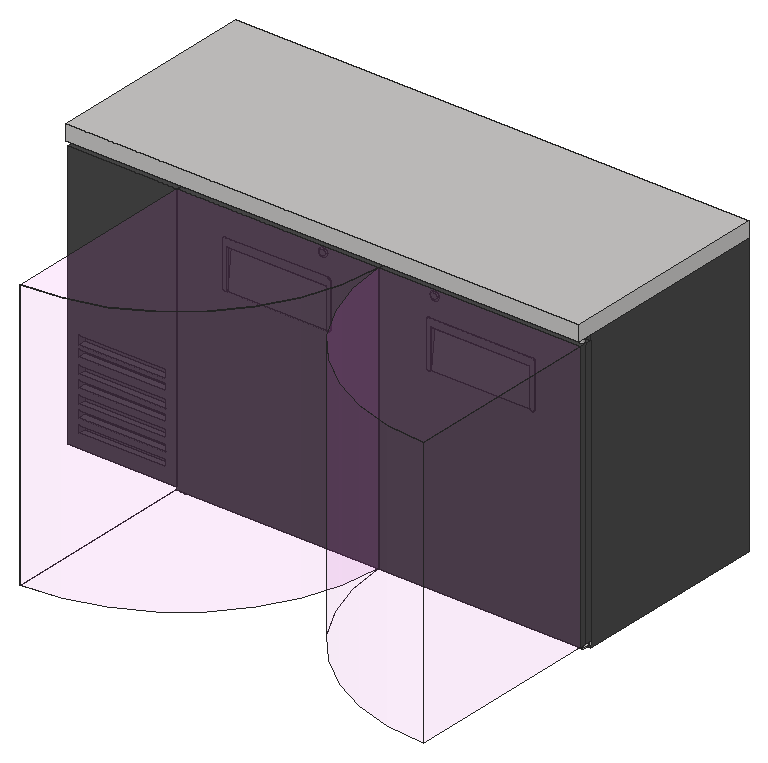
Revit family "QF_True_TBB24-60-2S-Z1-SFT-B-1_Solid_Swing_Door_Back_Bar", category Specialty Equipment, Revit 2021
Family settings
  Round Connector Dimension = Use Diameter
  Part Type = Normal
  Work Plane-Based = No
  Always vertical = Yes
  Cut with Voids When Loaded = No
  Shared = No
  Room Calculation Point = No
Parameters
  Weight in Pounds = 345
  Watts = Volts * FL Amps  # 368 W
  Volts = 115 V
  URL Cutsheet = ""
  Specification by User = ""
  Specification by Manufacturer = ""
  Show Seismic Flanged [instance] = yes
  Show Door Clearance [instance] = yes
  Show Default [instance] = if(or([Show 2" Casters], [Show 3" Casters]), or(or([Show 4" Casters], [Show 5" Casters], [Show 6" Legs]), and([Show 2" Casters], [Show 3" Casters]), and([Show 3" Casters], Show Seismic Flanged)), if(or([Show 4" Casters], [Show 5" Casters]), or(or([Show 6" Legs], Show Seismic Flanged), and([Show 4" Casters], [Show 5" Casters])), if([Show 6" Legs], Show Seismic Flanged, not(Show Seismic Flanged))))  # yes
  Show 6" Legs [instance] = yes
  Show 5" Casters [instance] = yes
  Show 4" Casters [instance] = yes
  Show 3" Casters [instance] = yes
  Show 2" Casters [instance] = yes
  Serial Number = ""
  Seismic Rating = ""
  SMACNA No = ""
  Revision Code = ""
  Phase = 1
  Number of Poles = 1
  NAFEM Spec ID Number = ""
  Model = "TBB24-60-2S-Z1-SFT-B-1"
  Min Ckt Ampacity = 0 A
  Max Overcurrent Protection = 0 A
  Masterspec = ""
  Manufacturer = "True"
  Length = 60 1/32"
  Item Number = ""
  Installed By = ""
  Identify Quantity as Lot = yes
  Height [instance] = Base Height + Body Height  # 34 23/32"
  HP = "1/4"
  Furnished By = ""
  Foodservice Equipment Identifier = yes
  FL Amps = 3.2 A
  Electrical Remarks = ""
  Electric Connection Type = ""
  Elec Conn RI Height = 0"
  Elec Conn Connection Height = 0"
  Door Finish [instance] = QF_Plastic - Black - Matte
  Description = "Solid Swing Door Back Bar 24\" Depth Single Zone Cooler with Stainless Finished Top and Black Exterior"
  Depth = 24 7/8"
  Default Elevation = 0"
  Cycle = 60 Hz
  Counter Top Finish [instance] = QF_Metal_Stainless_Polished
  Conn Plug = "NEMA 5-15P"
  Conn Conduit = yes
  CSI MasterFormat = ""
  Body Height [instance] = 34 23/32"
  Body Finish [instance] = QF_Plastic - Black - Matte
  Base Height [instance] = if(Show Default, 0", if([Show 2" Casters], 2", if([Show 3" Casters], 3", if([Show 4" Casters], 4", if([Show 5" Casters], 5", if([Show 6" Legs], 6", if(Show Seismic Flanged, 6", 0")))))))  # 0"
  Apparent Power = 0 VA
Reference planes (in)
  plane 1 "BACK": y = 0
  plane 2: z = 0
  plane 3 "LEFT": x = 0
  plane 4 "RIGHT": x = 60.03125
  plane 5 "FRONT": y = -24.875
  plane 6 "TOP": z = 34.71875
  plane 7 "Center Y": x = 30.01563
  plane 8 "Center X": y = -12.4375
  plane 9: z = 0
Dimensions and locks (in)
  equal spacing: plane 3 "LEFT", plane 7 "Center Y", plane 4 "RIGHT"
  "Length": plane 3 "LEFT" to plane 4 "RIGHT"
  equal spacing: plane 5 "FRONT", plane 8 "Center X", plane 1 "BACK"
  "Depth": plane 5 "FRONT" to plane 1 "BACK"
  plane 6 "TOP" to level = 34 23/32"
  "Base Height": plane 9 to level
  "Body Height": plane 6 "TOP" to plane 9
  aligned and locked: level to plane 2
  aligned and locked: nested 1 to plane 9
Nested families (in)
  nested 1: "TBB24-60-2S-Z1-BST-B-1" at (0, 0, 0), Body Finish <- "Body Finish", Counter Top Finishes <- "Counter Top Finish", Door Finish <- "Door Finish", Show Door Clearance <- "Show Door Clearance", type "TBB24-60-2S-Z1-BST-B-1"
    with Show Door Clearance yes, Door Finish QF_Plastic - Black - Matte, Counter Top Finishes QF_Metal_Stainless_Polished, Body Finish QF_Plastic - Black - Matte
  nested 2: "Family3" at (2.5, -20.91792, 0), Show 2" Casters <- "Show 2" Casters", Show 3" Casters <- "Show 3" Casters", Show 4" Casters <- "Show 4" Casters", Show 5" Casters <- "Show 5" Casters", Show 6" Legs <- "Show 6" Legs", Show Seismic Flanged <- "Show Seismic Flanged", type "Family3"
    with Show Seismic Flanged yes, Show 6" Legs yes, Show 5" Casters yes, Show 4" Casters yes, Show 3" Casters yes, Show 2" Casters yes
  nested 3: "Family3" at (57.53125, -20.91792, 0), Show 2" Casters <- "Show 2" Casters", Show 3" Casters <- "Show 3" Casters", Show 4" Casters <- "Show 4" Casters", Show 5" Casters <- "Show 5" Casters", Show 6" Legs <- "Show 6" Legs", Show Seismic Flanged <- "Show Seismic Flanged", type "Family3"
    with Show Seismic Flanged yes, Show 6" Legs yes, Show 5" Casters yes, Show 4" Casters yes, Show 3" Casters yes, Show 2" Casters yes
  nested 4: "Family3" at (2.5, -2.91792, 0), Show 2" Casters <- "Show 2" Casters", Show 3" Casters <- "Show 3" Casters", Show 4" Casters <- "Show 4" Casters", Show 5" Casters <- "Show 5" Casters", Show 6" Legs <- "Show 6" Legs", Show Seismic Flanged <- "Show Seismic Flanged", type "Family3"
    with Show Seismic Flanged yes, Show 6" Legs yes, Show 5" Casters yes, Show 4" Casters yes, Show 3" Casters yes, Show 2" Casters yes
  nested 5: "Family3" at (57.53125, -2.91792, 0), Show 2" Casters <- "Show 2" Casters", Show 3" Casters <- "Show 3" Casters", Show 4" Casters <- "Show 4" Casters", Show 5" Casters <- "Show 5" Casters", Show 6" Legs <- "Show 6" Legs", Show Seismic Flanged <- "Show Seismic Flanged", type "Family3"
    with Show Seismic Flanged yes, Show 6" Legs yes, Show 5" Casters yes, Show 4" Casters yes, Show 3" Casters yes, Show 2" Casters yes
Connectors (in)
  electrical at (5.92159, 0.23047, 18.36709), driven by "Volts", driven by "Watts"
    settings: on nested 1, index 1, voltage 115 V, apparent load 368 VA, apparent load phase1 0 VA, apparent load phase2 0 VA, apparent load phase3 0 VA, power factor 1, load classification "Other", number of poles 1, system type 30, power factor state 1, is connector primary yes, connector utility no, sub classification motor no, connector description "ELECTRICAL CONNECTION"
Definition of nested family "TBB24-60-2S-Z1-BST-B-1"
  Parameters (values of type "TBB24-60-2S-Z1-BST-B-1")
    Weight in Pounds = 0
    URL Cutsheet = ""
    Specification by User = ""
    Specification by Manufacturer = ""
    Show Door Clearance [instance] = yes
    Serial Number = ""
    Seismic Rating = ""
    SMACNA No = ""
    Revision Code = ""
    NAFEM Spec ID Number = ""
    Masterspec = ""
    Length = 60 1/32"
    Item Number = ""
    Installed By = ""
    Identify Quantity as Lot = yes
    Height = 34 23/32"
    Furnished By = ""
    Foodservice Equipment Identifier = yes
    Door Finish [instance] = none
    Depth = 24 7/8"
    Default Elevation = 0"
    Counter Top Finishes [instance] = none
    CSI MasterFormat = ""
    Body Finish [instance] = none
  Reference planes (in)
    plane 1 "BACK": y = 0
    plane 2: z = 0
    plane 3 "LEFT": x = 0
    plane 4 "RIGHT": x = 60.03125
    plane 5 "FRONT": y = -24.875
    plane 6 "TOP": z = 34.71875
    plane 7 "Center Y": x = 30.01563
    plane 8 "Center X": y = -12.4375
    plane 9: y = -47.59375
    plane 10: z = 0.6875
    plane 11: z = 32.9375
    plane 12: z = 2.0625
    plane 13: y = -21.41792
    plane 14: z = 0.33506
    plane 15: z = 23.55589
    plane 16: x = 36.40899
    plane 17: x = 12.78399
  Forms (in)
    Extrusion 1, solid, material <- "Counter Top Finishes"
      sketch origin (0, 0, 0) x (1, 0, 0) y (0, 0, 1)
        loop
          line (0, 34.71875) -> (0, 32.9375) -> (60.03125, 32.9375) -> (60.03125, 34.71875) -> (0, 34.71875)
      from 0 to 24.875
    Extrusion 2, solid, material <- "Body Finish"
      sketch origin (0, 0, 0) x (0, 1, 0) y (0, 0, 1)
        loop
          line (0, 32.9375) -> (-23.09422, 32.9375) -> (-23.09422, 0) -> (0, 0) -> (0, 32.9375)
      from 0 to 60.03125
    Extrusion 3, solid, material <- "Door Finish"
      sketch origin (0, -23.09422, 35.99786) x (0, 0, 1) y (1, 0, 0)
        loop
          line (-3.72284, 18.35291) -> (-3.72284, 35.99891) -> (-35.31036, 35.99891) -> (-35.31036, 18.35291) -> (-3.72284, 18.35291)
        loop
          line (-4.22284, 19.79188) -> (-4.22284, 35.35291) -> (-33.93536, 35.35291) -> (-33.93536, 19.79188) -> (-4.22284, 19.79188)
      from 0 to -0.66955
    Extrusion 4, solid, material <- "Body Finish"
      sketch origin (0, -23.09422, 32.9375) x (0, 0, -1) y (1, 0, 0)
        loop
          line (0.66249, 0) -> (31.95758, 0) -> (31.95758, 12.78399) -> (0.66249, 12.78399) -> (0.66249, 0)
      from 0 to 1.50548
    Extrusion 5, void
      sketch origin (0, -24.5997, 32.9375) x (0, 0, 1) y (1, 0, 0)
        loop
          line (-20.06297, 1.27626) -> (-20.06297, 11.45734) -> (-21.06297, 11.45734) -> (-21.06297, 1.27626) -> (-20.06297, 1.27626)
        loop
          line (-21.51705, 1.27626) -> (-21.51705, 11.45734) -> (-22.34419, 11.45734) -> (-22.34419, 1.27626) -> (-21.51705, 1.27626)
        loop
          line (-23.18797, 1.27626) -> (-23.18797, 11.45734) -> (-24.18797, 11.45734) -> (-24.18797, 1.27626) -> (-23.18797, 1.27626)
        loop
          line (-24.76705, 1.27626) -> (-24.76705, 11.45734) -> (-25.59419, 11.45734) -> (-25.59419, 1.27626) -> (-24.76705, 1.27626)
        loop
          line (-26.31297, 1.27626) -> (-26.31297, 11.45734) -> (-27.31297, 11.45734) -> (-27.31297, 1.27626) -> (-26.31297, 1.27626)
        loop
          line (-27.89205, 1.27626) -> (-27.89205, 11.45734) -> (-28.71919, 11.45734) -> (-28.71919, 1.27626) -> (-27.89205, 1.27626)
        loop
          line (-29.51705, 1.27626) -> (-29.51705, 11.45734) -> (-30.34419, 11.45734) -> (-30.34419, 1.27626) -> (-29.51705, 1.27626)
      from 0 to 0.83594
    Extrusion 6, solid
      sketch origin (0, 0, 32.6875) x (0, 0, 1) y (1, 0, 0)
        loop
          arc (-12.59037, 11.27264) -> (-12.81004, 11.80298) -> (-13.34037, 12.02264) r 0.75
          line (-13.34037, 12.02264) -> (-31.375, 12.02264)
          arc (-31.375, 12.02264) -> (-31.90533, 11.80298) -> (-32.125, 11.27264) r 0.75
          line (-32.125, 11.27264) -> (-32.125, 0.75)
          arc (-32.125, 0.75) -> (-31.90533, 0.21967) -> (-31.375, 0) r 0.75
          line (-31.375, 0) -> (-13.34037, 0)
          arc (-13.34037, 0) -> (-12.81004, 0.21967) -> (-12.59037, 0.75) r 0.75
          line (-12.59037, 0.75) -> (-12.59037, 5.19897) -> (-12.14941, 5.19897)
          arc (-12.14941, 5.19897) -> (-11.39941, 5.94897) -> (-12.14941, 6.69897) r 0.75
          line (-12.14941, 6.69897) -> (-12.59037, 6.69897) -> (-12.59037, 11.27264)
      from 0 to 0.03125
    Extrusion 7, solid
      sketch origin (0, 0.03125, 32.6875) x (0, 0, 1) y (1, 0, 0)
        loop
          line (-11.64941, 5.94897) -> (-11.89941, 6.38198) -> (-12.39941, 6.38198) -> (-12.64941, 5.94897) -> (-12.39941, 5.51596) -> (-11.89941, 5.51596) -> (-11.64941, 5.94897)
      from 0 to 0.19922
    Extrusion 8, solid
      sketch origin (0, 0.03125, 32.6875) x (0, 0, 1) y (1, 0, 0)
        loop
          circle (-14.32041, 5.92159) r 0.5
      from 0 to 0.19922
    Blend 9, solid, material <- "Door Finish"
      base sketch origin (48.03125, -24.5997, 0.6875) x (-1, 0, 0) y (0, 0, 1)
        loop
          circle (18.15288, 30.93229) r 0.5
      top sketch origin (48.03125, -24.5997, 0.6875) x (-1, 0, 0) y (0, 0, 1)
        loop
          circle (18.15288, 30.93229) r 0.37406
      from 0 to -0.05551
    Extrusion 10, solid, material <- "Door Finish"
      sketch origin (59.99782, -23.09422, 35.99786) x (0, 0, 1) y (1, 0, 0)
        loop
          line (-3.72284, 0.03343) -> (-35.31036, 0.03343) -> (-35.31036, -23.99891) -> (-3.72284, -23.99891) -> (-3.72284, 0.03343)
        loop
          line (-4.22284, -1.79188) -> (-33.93536, -1.79188) -> (-33.93536, -23.35291) -> (-4.22284, -23.35291) -> (-4.22284, -1.79188)
      from 0 to -0.66955
    Extrusion 11, solid, material <- "Door Finish"
      sketch origin (59.99782, -23.09422, 35.99786) x (0, 0, 1) y (1, 0, 0)
        loop
          line (-3.72284, 0.03343) -> (-35.31036, 0.03343) -> (-35.31036, -23.58883) -> (-3.72284, -23.58883) -> (-3.72284, 0.03343)
      from -1.50548 to -0.66955
    Extrusion 12, solid, material <- "Door Finish"
      sketch origin (0, -23.09422, 35.99786) x (0, 0, 1) y (1, 0, 0)
        loop
          line (-3.72284, 12.78399) -> (-3.72284, 36.40899) -> (-35.31036, 36.40899) -> (-35.31036, 12.78399) -> (-3.72284, 12.78399)
      from -1.50548 to -0.66955
    Revolve 13, solid
      sketch origin (13.18501, -180, 0.6875) x (0, 0, -1) y (0, -1, 0)
        loop
          line (-31.58751, -156.24977) -> (-32.25, -156.24977) -> (-32.25, -156.74977) -> (-32.1201, -156.74977) -> (-32.1201, -156.49977) -> (-31.58751, -156.49977) -> (-31.58751, -156.24977)
        axis (-32.25, -156.24977) -> (-31.58751, -156.24977)
      angle from 0 to 360
    Extrusion 14, solid
      sketch origin (-7.1793, -180.46875, 0.33506) x (-1, 0, 0) y (0, -1, 0)
        loop
          line (-19.96329, -157.37453) -> (-19.96329, -156.39831)
          arc (-19.96329, -156.39831) -> (-20.00622, -156.29467) -> (-20.10986, -156.25173) r 0.14658
          line (-20.10986, -156.25173) -> (-20.51815, -156.25173)
          arc (-20.51815, -156.25173) -> (-20.6014, -156.26829) -> (-20.67197, -156.31545) r 0.21754
          line (-20.67197, -156.31545) -> (-21.51462, -157.1581)
          arc (-21.51462, -157.1581) -> (-21.5421, -157.29627) -> (-21.42497, -157.37453) r 0.12678
          line (-21.42497, -157.37453) -> (-19.96329, -157.37453)
        loop
          line (-67.21055, -157.37453) -> (-65.74886, -157.37453)
          arc (-65.74886, -157.37453) -> (-65.63173, -157.29627) -> (-65.65921, -157.1581) r 0.12678
          line (-65.65921, -157.1581) -> (-66.50186, -156.31545)
          arc (-66.50186, -156.31545) -> (-66.57244, -156.26829) -> (-66.65568, -156.25173) r 0.21754
          line (-66.65568, -156.25173) -> (-67.06397, -156.25173)
          arc (-67.06397, -156.25173) -> (-67.16761, -156.29467) -> (-67.21055, -156.39831) r 0.14658
          line (-67.21055, -156.39831) -> (-67.21055, -157.37453)
      from 0 to 0.0625
    Extrusion 15, solid
      sketch origin (0, -23.09422, 32.9375) x (0, 0, -1) y (1, 0, 0)
        loop
          line (32.60244, 12.78399) -> (32.60244, 14.37246) -> (32.25, 14.37246) -> (32.25, 12.78399) -> (32.60244, 12.78399)
        loop
          line (32.60244, 60.03125) -> (32.25, 60.03125) -> (32.25, 58.44278) -> (32.60244, 58.44278) -> (32.60244, 60.03125)
      from 0 to 0.0625
    Revolve 16, solid
      sketch origin (13.18409, -180.05443, 0.39756) x (0, 0, 1) y (0, 1, 0)
        loop
          line (0.28994, 156.29571) -> (0.28994, 156.48985) -> (0, 156.48985) -> (0, 156.29571) -> (0.28994, 156.29571)
        axis (0.28994, 156.29571) -> (0, 156.29571)
      angle from 0 to 360
    Extrusion 17, solid, material <- "Door Finish"
      sketch origin (0, -24.5997, 35.99786) x (0, 0, -1) y (1, 0, 0)
        loop
          arc (7.19767, 54.72425) -> (6.92975, 54.61327) -> (6.81877, 54.34534) r 0.37891
          line (6.81877, 54.34534) -> (6.81877, 42.41493)
          arc (6.81877, 42.41493) -> (6.92953, 42.14751) -> (7.19695, 42.03675) r 0.37818
          line (7.19695, 42.03675) -> (12.19377, 42.03675)
          arc (12.19377, 42.03675) -> (12.44197, 42.28495) -> (12.19377, 42.53315) r 0.2482
          line (12.19377, 42.53315) -> (8.12997, 42.53315)
          arc (8.12997, 42.53315) -> (7.86204, 42.64413) -> (7.75107, 42.91206) r 0.37891
          line (7.75107, 42.91206) -> (7.75107, 53.78643)
          arc (7.75107, 53.78643) -> (7.86204, 54.05436) -> (8.12997, 54.16534) r 0.37891
          line (8.12997, 54.16534) -> (12.16252, 54.16534)
          arc (12.16252, 54.16534) -> (12.44197, 54.44479) -> (12.16252, 54.72425) r 0.27945
          line (12.16252, 54.72425) -> (7.19767, 54.72425)
        loop
          line (7.19767, 18.09374) -> (12.16252, 18.09374)
          arc (12.16252, 18.09374) -> (12.44197, 18.37319) -> (12.16252, 18.65264) r 0.27945
          line (12.16252, 18.65264) -> (8.12997, 18.65264)
          arc (8.12997, 18.65264) -> (7.86204, 18.76362) -> (7.75107, 19.03155) r 0.37891
          line (7.75107, 19.03155) -> (7.75107, 29.90593)
          arc (7.75107, 29.90593) -> (7.86204, 30.17385) -> (8.12997, 30.28483) r 0.37891
          line (8.12997, 30.28483) -> (12.19377, 30.28483)
          arc (12.19377, 30.28483) -> (12.44197, 30.53304) -> (12.19377, 30.78124) r 0.2482
          line (12.19377, 30.78124) -> (7.19695, 30.78124)
          arc (7.19695, 30.78124) -> (6.92953, 30.67047) -> (6.81877, 30.40306) r 0.37818
          line (6.81877, 30.40306) -> (6.81877, 18.47264)
          arc (6.81877, 18.47264) -> (6.92975, 18.20472) -> (7.19767, 18.09374) r 0.37891
      from 0 to 0.03125
    Extrusion 18, void
      sketch origin (15.67364, -24.5997, 27.86788) x (0, 0, 1) y (0, 1, 0)
        loop
          line (0.37891, -0.24253) -> (0.37891, 0.5) -> (-4.312, 0) -> (-4.312, -0.24253) -> (0.37891, -0.24253)
      from -2.979 to -14.61119
    Extrusion 19, void
      sketch origin (42.53315, -24.5997, 27.86788) x (0, 0, 1) y (0, 1, 0)
        loop
          line (0.37891, -0.24253) -> (0.37891, 0.5) -> (-4.312, 0) -> (-4.312, -0.24253) -> (0.37891, -0.24253)
      from 0 to -11.63219
    Revolve 20, solid
      sketch origin (59.50249, -180, 0.6875) x (0, 0, -1) y (0, 1, 0)
        loop
          line (-31.58751, 156.24977) -> (-31.58751, 156.49977) -> (-32.1201, 156.49977) -> (-32.1201, 156.74977) -> (-32.25, 156.74977) -> (-32.25, 156.24977) -> (-31.58751, 156.24977)
        axis (-32.25, 156.24977) -> (-31.58751, 156.24977)
      angle from 0 to 360
    Revolve 21, solid
      sketch origin (59.50341, -180.05443, 0.39756) x (0, 0, 1) y (0, -1, 0)
        loop
          line (0.28994, -156.29571) -> (0, -156.29571) -> (0, -156.48985) -> (0.28994, -156.48985) -> (0.28994, -156.29571)
        axis (0.28994, -156.29571) -> (0, -156.29571)
      angle from 0 to 360
    Blend 22, solid, material <- "Door Finish"
      base sketch origin (24.78673, -24.5997, 0.6875) x (1, 0, 0) y (0, 0, -1)
        loop
          circle (18.15288, -30.93229) r 0.5
      top sketch origin (24.78673, -24.5997, 0.6875) x (1, 0, 0) y (0, 0, -1)
        loop
          circle (18.15288, -30.93229) r 0.37406
      from 0 to -0.05551
    Extrusion 23, solid, visible <- "Show Door Clearance"
      sketch origin (35.99891, -23.09422, 0.6875) x (0, -1, 0) y (-1, 0, 0)
        loop
          arc (1.50548, -0.40165) -> (17.80154, 6.73411) -> (24.49953, 23.21492) r 23.625
          line (24.49953, 23.21492) -> (1.50548, 23.21492) -> (1.50548, -0.40165)
      from 0 to -31.58751
    Extrusion 24, solid, visible <- "Show Door Clearance"
      sketch origin (35.99891, -23.09422, 0.6875) x (0, -1, 0) y (-1, 0, 0)
        loop
          line (1.50548, -0.41851) -> (1.50548, -24.03508) -> (24.49953, -24.03508)
          arc (24.49953, -24.03508) -> (17.80154, -7.55427) -> (1.50548, -0.41851) r 23.625
      from 0 to -31.58751
  Cuts and joins
    Extrusion 5 cuts Extrusion 2
    Extrusion 5, Extrusion 18 cuts Extrusion 4
    joined: Extrusion 14, Extrusion 15
    Extrusion 18, Extrusion 19 cuts Extrusion 12
    Extrusion 18, Extrusion 19 cuts Extrusion 17
    Extrusion 18, Extrusion 19 cuts Extrusion 11
    Extrusion 18 cuts Extrusion 10
  Lines and regions (in)
    Split face 1
      outline origin (0, 0.03125, 32.6875) x (0, 0, 1) y (1, 0, 0)
        loop
          line (-15.04167, 10.7061) -> (-29.59231, 10.7061) -> (-29.59231, 0.9561) -> (-15.04167, 0.9561) -> (-15.04167, 10.7061)
    Split face 2
      outline origin (60.03125, 0, 0) x (-1, 0, 0) y (0, 0, 1)
        loop
          line (48.03125, 32.9375) -> (48.03125, 0)
        loop
          line (45.65625, 0) -> (45.65625, 32.9375)
        loop
          line (2.75, 32.9375) -> (2.75, 0)
    Split face 3
      outline origin (0, -24.5997, 32.27501) x (-1, 0, 0) y (0, 0, -1)
        loop
          line (-2.26866, 1.36126) -> (-2.26866, 2.86126) -> (-10.19974, 2.86126) -> (-10.19974, 1.36126) -> (-2.26866, 1.36126)
    symbolic lines
      curve 1: line (60.03125, 0, 0) -> (0, 0, 0)
      curve 2: line (0, 0, 0) -> (0, -24.875, 0)
      curve 3: line (0, -24.875, 0) -> (60.03125, -24.875, 0)
      curve 4: line (60.03125, -24.875, 0) -> (60.03125, 0, 0)
    symbolic lines, visible <- "Show Door Clearance"
      curve 5: arc (36.3916, -24.875, 0) -> (35.37053, -30.89617, 0) -> (32.84013, -36.45442, 0) r 23.625
      curve 6: arc (39.97713, -36.45325, 0) -> (37.44726, -30.89551, 0) -> (36.42638, -24.875, 0) r 23.625
      curve 7: line (12.78399, -24.875, 0) -> (32.84013, -36.45442, 0)
      curve 8: line (60.03125, -24.875, 0) -> (39.97713, -36.45325, 0)
  Dimensions and locks (in)
    equal spacing: plane 3 "LEFT", plane 7 "Center Y", plane 4 "RIGHT"
    "Length": plane 3 "LEFT" to plane 4 "RIGHT"
    equal spacing: plane 5 "FRONT", plane 8 "Center X", plane 1 "BACK"
    "Depth": plane 5 "FRONT" to plane 1 "BACK"
    "Height": plane 6 "TOP" to level
    plane 1 "BACK" to plane 9 = 47 19/32"
    plane 10 to level = 11/16"
    plane 5 "FRONT" to plane 1 "BACK" = 24 7/8"
    plane 9 to plane 1 "BACK" = 47 19/32"
    plane 6 "TOP" to plane 11 = 1 25/32"
    plane 5 "FRONT" to plane 9 = 22 23/32"
    aligned and locked: level to plane 2
  Automatic sketch dimensions
    Extrusion 1 sketch curve to plane 3 "LEFT" = 0"
    plane 4 "RIGHT" to Extrusion 1 sketch curve = 0"
    Extrusion 1 sketch curve to plane 11 = 0"
    Extrusion 1 sketch curve to plane 6 "TOP" = 0"
    plane 11 to Extrusion 2 sketch curve = 0"
    Extrusion 2 sketch curve to level = 0"
    Extrusion 2 sketch curve to plane 1 "BACK" = 0"
    Extrusion 2 sketch curve to plane 13 = 1.6763"
    Extrusion 3 sketch curve to plane 10 = 0"
    Extrusion 3 sketch curve to plane 12 = 0"
    plane 11 to Extrusion 3 sketch curve = 1.16249"
    plane 11 to Extrusion 3 sketch curve = 0.66249"
    Extrusion 3 sketch curve to plane 17 = 5.56892"
    Extrusion 3 sketch curve to Extrusion 3 sketch curve = 1.43897"
    plane 16 to Extrusion 3 sketch curve = 1.05608"
    plane 16 to Extrusion 3 sketch curve = 0.41008"
    Extrusion 4 sketch curve to Extrusion 2 = 0"
    Extrusion 4 sketch curve to Extrusion 2 = 0.66249"
    Extrusion 4 sketch curve to Extrusion 2 = 0.97992"
    Extrusion 2 to Extrusion 4 sketch curve = 12.78399"
    Extrusion 4 to Extrusion 5 sketch curve = 1.61339"
    Extrusion 5 sketch curve to Extrusion 5 sketch curve = 0.82714"  (x4)
    Extrusion 5 sketch curve to Extrusion 5 sketch curve = 0.79786"
    Extrusion 5 sketch curve to Extrusion 5 sketch curve = 0.57908"  (x2)
    Extrusion 5 sketch curve to Extrusion 5 sketch curve = 1"  (x3)
    Extrusion 5 sketch curve to Extrusion 5 sketch curve = 0.71878"
    Extrusion 5 sketch curve to Extrusion 5 sketch curve = 0.84378"
    Extrusion 5 sketch curve to Extrusion 5 sketch curve = 0.45408"
    Extrusion 4 to Extrusion 5 sketch curve = 1.27626"  (x2)
    Extrusion 5 sketch curve to Extrusion 5 sketch curve = 0"  (x11)
    Extrusion 4 to Extrusion 5 sketch curve = 1.32665"
    Extrusion 6 sketch curve to Extrusion 2 = 0"
    Extrusion 2 to Extrusion 6 sketch curve = 9/16"
    Extrusion 6 sketch curve to Extrusion 6 sketch curve = 3/4"  (x3)
    Extrusion 6 sketch curve to Extrusion 2 = 13.59037"
    Extrusion 2 to Extrusion 6 sketch curve = 3/4"
    Extrusion 6 sketch curve to Extrusion 6 sketch curve = 0"  (x2)
    Extrusion 6 sketch curve to Extrusion 6 sketch curve = 0.44096"
    Extrusion 6 sketch curve to Extrusion 6 sketch curve = 4.44897"
    Extrusion 6 sketch curve to Extrusion 6 sketch curve = 10.52264"
    Split face 1 sketch curve to Extrusion 6 = 2.53269"
    Split face 1 sketch curve to Extrusion 6 = 2.4513"
    Split face 1 sketch curve to Extrusion 6 = 0.9561"
    Split face 1 sketch curve to Extrusion 6 = 1.31655"
    Extrusion 7 sketch curve to Extrusion 6 = 0.05904"
    Extrusion 6 to Extrusion 7 sketch curve = 0.19096"  (x2)
    Extrusion 7 sketch curve to Extrusion 6 = 0.31699"  (x2)
    Extrusion 7 sketch curve to Extrusion 7 sketch curve = 1/2"  (x2)
    Extrusion 7 sketch curve to Extrusion 7 sketch curve = 1/4"
    Extrusion 7 sketch curve to Extrusion 7 sketch curve = 0.43301"  (x2)
    Extrusion 8 sketch curve to Extrusion 6 = 0.72262"
    Extrusion 8 sketch curve to Extrusion 6 = 1.73005"
    Split face 2 sketch curve to cut or joined group of Extrusion 2, Extrusion 5 = 0"  (x6)
    Split face 2 sketch curve to cut or joined group of Extrusion 2, Extrusion 5 = 2 3/4"
    Split face 2 sketch curve to cut or joined group of Extrusion 2, Extrusion 5 = 14 3/8"
    Split face 2 sketch curve to Split face 2 sketch curve = 2 3/8"
    Blend 9 sketch curve to plane 7 "Center Y" = 0.13726"  (x2)
    plane 11 to Blend 9 sketch curve = 1.31771"  (x2)
    Split face 3 sketch curve to cut or joined group of Extrusion 4, Extrusion 5, Extrusion 18 = 1.2576"
    Split face 3 sketch curve to cut or joined group of Extrusion 4, Extrusion 5, Extrusion 18 = 0.9924"
    Split face 3 sketch curve to cut or joined group of Extrusion 4, Extrusion 5, Extrusion 18 = 1.36126"
    Split face 3 sketch curve to Split face 3 sketch curve = 1 1/2"
    plane 4 "RIGHT" to Extrusion 10 sketch curve = 0"
    Extrusion 10 sketch curve to plane 10 = 0"
    Extrusion 10 sketch curve to plane 12 = 0"
    Extrusion 10 sketch curve to plane 16 = 0.23592"
    plane 11 to Extrusion 10 sketch curve = 1.16249"
    plane 11 to Extrusion 10 sketch curve = 0.66249"
    plane 16 to Extrusion 10 sketch curve = 0.41008"
    plane 4 "RIGHT" to Extrusion 10 sketch curve = 1.82531"
    plane 4 "RIGHT" to Extrusion 11 sketch curve = 0"
    Extrusion 11 sketch curve to plane 10 = 0"
    Extrusion 11 sketch curve to plane 16 = 0"
    plane 11 to Extrusion 11 sketch curve = 0.66249"
    Extrusion 12 sketch curve to plane 10 = 0"
    Extrusion 12 sketch curve to plane 17 = 0"
    Extrusion 12 sketch curve to plane 16 = 0"
    plane 11 to Extrusion 12 sketch curve = 0.66249"
    plane 11 to Revolve 13 sketch curve = 0"  (x2)
    plane 11 to Revolve 13 sketch curve = 0.1299"  (x2)
    Revolve 13 sketch curve to Revolve 13 sketch curve = 0.53259"
    Revolve 13 sketch curve to plane 5 "FRONT" = 1.62477"
    Revolve 13 sketch curve to Revolve 13 sketch curve = 1/4"  (x2)
    Revolve 13 sketch curve to Revolve 13 sketch curve = 0"
    Extrusion 14 sketch curve to plane 4 "RIGHT" = 0"
    Extrusion 14 sketch curve to plane 17 = 0"
    plane 4 "RIGHT" to Extrusion 14 sketch curve = 0.14658"
    Extrusion 14 sketch curve to Extrusion 14 sketch curve = 0.40828"
    Extrusion 14 sketch curve to Extrusion 14 sketch curve = 0.15382"  (x2)
    Extrusion 14 sketch curve to Extrusion 14 sketch curve = 0.90682"
    Extrusion 14 sketch curve to Extrusion 14 sketch curve = 0.08965"  (x2)
    Extrusion 14 sketch curve to plane 17 = 1.55133"
    Extrusion 14 sketch curve to plane 17 = 0.70868"
    Extrusion 14 sketch curve to plane 17 = 0.14658"
    Extrusion 14 sketch curve to plane 13 = 1.6763"  (x2)
    Extrusion 14 sketch curve to Extrusion 14 sketch curve = 0.12678"  (x2)
    Extrusion 14 sketch curve to plane 5 "FRONT" = 0.87552"  (x2)
    Extrusion 14 sketch curve to Extrusion 14 sketch curve = 0.07096"  (x2)
    Extrusion 2 to Extrusion 15 sketch curve = 0"
    Extrusion 15 sketch curve to Extrusion 2 = 11/16"  (x2)
    Extrusion 15 sketch curve to Extrusion 2 = 0.33506"  (x2)
    Extrusion 2 to Extrusion 15 sketch curve = 1.58847"
    Extrusion 2 to Extrusion 15 sketch curve = 14.37246"
    Extrusion 15 sketch curve to Extrusion 15 sketch curve = 1.58847"
    Revolve 16 sketch curve to plane 10 = 0"  (x2)
    plane 14 to Revolve 16 sketch curve = 1/16"
    Revolve 16 sketch curve to plane 5 "FRONT" = 1.11628"
    Revolve 16 sketch curve to Revolve 16 sketch curve = 0.19414"
    Revolve 16 sketch curve to Revolve 16 sketch curve = 0.14497"
    Revolve 16 sketch curve to Revolve 16 sketch curve = 0"
    Extrusion 17 sketch curve to Extrusion 12 = 3.09593"  (x2)
    Extrusion 17 sketch curve to Extrusion 17 sketch curve = 0.37818"  (x2)
    Extrusion 17 sketch curve to Extrusion 17 sketch curve = 97/256"  (x6)
    Extrusion 17 sketch curve to Extrusion 17 sketch curve = 0.55339"  (x2)
    Extrusion 17 sketch curve to Extrusion 17 sketch curve = 4.03255"  (x2)
    Extrusion 17 sketch curve to Extrusion 17 sketch curve = 4.0638"  (x2)
    Extrusion 17 sketch curve to Extrusion 12 = 5.30975"
    Extrusion 17 sketch curve to Extrusion 17 sketch curve = 0.27945"
    Extrusion 17 sketch curve to Extrusion 12 = 6.50306"
    Extrusion 17 sketch curve to Extrusion 17 sketch curve = 0.49713"
    Extrusion 12 to Extrusion 17 sketch curve = 5.62775"
    Extrusion 17 sketch curve to Extrusion 17 sketch curve = 0.2482"
    Extrusion 17 sketch curve to Extrusion 17 sketch curve = 10.87438"
    Extrusion 17 sketch curve to Extrusion 17 sketch curve = 0.5589"
    Extrusion 18 sketch curve to plane 15 = 0"
    Extrusion 18 sketch curve to plane 5 "FRONT" = 0.03277"
    plane 11 to Extrusion 18 sketch curve = 4.69071"
    Extrusion 18 sketch curve to Extrusion 18 sketch curve = 0.24253"
    Extrusion 18 sketch curve to Extrusion 18 sketch curve = 0.74253"
    Extrusion 19 sketch curve to Extrusion 17 = 0"
    Extrusion 17 to Extrusion 19 sketch curve = 0.2482"
    Extrusion 19 sketch curve to Extrusion 17 = 97/256"
    Extrusion 17 to Extrusion 19 sketch curve = 0.21128"
    Extrusion 17 to Extrusion 19 sketch curve = 1/2"
    plane 11 to Revolve 20 sketch curve = 0"  (x2)
    plane 11 to Revolve 20 sketch curve = 0.1299"  (x2)
    Revolve 20 sketch curve to Revolve 20 sketch curve = 0.53259"
    Revolve 20 sketch curve to plane 5 "FRONT" = 1.12477"
    Revolve 20 sketch curve to Revolve 20 sketch curve = 1/4"  (x2)
    Revolve 20 sketch curve to Revolve 20 sketch curve = 0"
    Revolve 21 sketch curve to plane 10 = 0"  (x2)
    plane 14 to Revolve 21 sketch curve = 1/16"
    Revolve 21 sketch curve to plane 5 "FRONT" = 1.31042"
    Revolve 21 sketch curve to Revolve 21 sketch curve = 0.19414"
    Revolve 21 sketch curve to plane 10 = 0.14497"
    Revolve 21 sketch curve to Revolve 21 sketch curve = 0"
    plane 11 to Blend 22 sketch curve = 1.31771"  (x2)
    Blend 22 sketch curve to plane 16 = 6.53062"  (x2)
    Extrusion 23 sketch curve to Extrusion 11 = 0"
    Extrusion 23 sketch curve to Extrusion 11 = 0.20499"
    Extrusion 11 to Extrusion 23 sketch curve = 22.99405"
    Extrusion 23 sketch curve to Extrusion 11 = 23 5/8"
    Extrusion 11 to Extrusion 24 sketch curve = 0"
    Extrusion 11 to Extrusion 24 sketch curve = 0.00274"
    Extrusion 24 sketch curve to Extrusion 11 = 0.20499"
    Extrusion 11 to Extrusion 24 sketch curve = 22.99405"
    plane 1 "BACK" to curve 1 = 0"
    curve 1 to plane 3 "LEFT" = 0"
    plane 5 "FRONT" to curve 7 = 0"
    curve 7 to plane 17 = 0"
    curve 5 to plane 17 = 0"
    curve 4 to plane 4 "RIGHT" = 0"
    plane 7 "Center Y" to curve 7 = 2.82451"
    curve 8 to plane 16 = 3.56814"
    curve 6 to plane 4 "RIGHT" = 0.00274"
    plane 9 to curve 8 = 11.1405"
    curve 7 to curve 6 = 0.00116"
    curve 5 to plane 5 "FRONT" = 29/32"
    curve 6 to plane 5 "FRONT" = 29/32"
    radius of Extrusion 8 sketch curve = 1/2"
    radius of Blend 9 sketch curve = 1/2"
    radius of Blend 9 sketch curve = 0.37406"
    radius of Blend 22 sketch curve = 1/2"
    radius of Blend 22 sketch curve = 0.37406"
Definition of nested family "Family3"
  Parameters (values of type "Family3")
    Weight in Pounds = 0
    URL Cutsheet = ""
    Specification by User = ""
    Specification by Manufacturer = ""
    Show Seismic Flanged [instance] = yes
    Show 6" Legs [instance] = yes
    Show 5" Casters [instance] = yes
    Show 4" Casters [instance] = yes
    Show 3" Casters [instance] = yes
    Show 2" Casters [instance] = yes
    Serial Number = ""
    Seismic Rating = ""
    SMACNA No = ""
    Revision Code = ""
    NAFEM Spec ID Number = ""
    Masterspec = ""
    Length = 0"
    Item Number = ""
    Installed By = ""
    Identify Quantity as Lot = yes
    Height = 0"
    Furnished By = ""
    Foodservice Equipment Identifier = yes
    Depth = 0"
    Default Elevation = 0"
    CSI MasterFormat = ""
  Reference planes (in)
    plane 1 "BACK": y = 0
    plane 2: z = 0
    plane 3 "LEFT": x = 0
    plane 4 "RIGHT": x = 0
    plane 5 "FRONT": y = 0
    plane 6 "TOP": z = 0
    plane 7 "Center Y": x = 0
    plane 8 "Center X": y = 0
  Dimensions and locks (in)
    equal spacing: plane 3 "LEFT", plane 7 "Center Y", plane 4 "RIGHT"
    "Length": plane 3 "LEFT" to plane 4 "RIGHT"
    equal spacing: plane 5 "FRONT", plane 8 "Center X", plane 1 "BACK"
    "Depth": plane 5 "FRONT" to plane 1 "BACK"
    "Height": plane 6 "TOP" to level
    aligned and locked: level to plane 2
  Nested families (in)
    nested 1: "2 INCHES_CASTER" at (0, 0, 0), 2 Inches Caster <- "Show 2" Casters", type "2 INCHES_CASTER"
      with Type Mark "", Specification by User "", Revision Code "", Item Number "", Installed By "", Identify Quantity as Lot yes, Furnished By "", Foodservice Equipment Identifier yes, 2 Inches Caster yes
    nested 2: "3 INCHES 01_CASTER" at (0, 0, 0), 3 Inches Caster <- "Show 3" Casters", type "3 INCHES 01_CASTER"
      with Type Mark "", Specification by User "", Revision Code "", Item Number "", Installed By "", Identify Quantity as Lot yes, Furnished By "", Foodservice Equipment Identifier yes, 3 Inches Caster yes
    nested 3: "4 INCHES_CASTER" at (0, 0, 0), Show 4 Inches Casters <- "Show 4" Casters", type "4 INCHES_CASTER"
      with Type Mark "", Specification by User "", Show 4 Inches Casters yes, Revision Code "", Item Number "", Installed By "", Identify Quantity as Lot yes, Furnished By "", Foodservice Equipment Identifier yes
    nested 4: "5 INCHES 01_CASTER 2" at (0, 0, 0), Show 5" Casters <- "Show 5" Casters", type "5 INCHES 01_CASTER 2"
      with Type Mark "", Specification by User "", Show 5" Casters yes, Revision Code "", Key Locks no, Item Number "", Installed By "", Identify Quantity as Lot yes, Furnished By "", Foodservice Equipment Identifier yes
    nested 5: "6 INCHES LEGS" at (0, 0, 0), Show 6" Legs <- "Show 6" Legs", type "6 INCHES LEGS"
      with Type Mark "", Status "", Specification by User "", Show Seismic Flanged no, Show 6" Legs yes, Revision Code "", Item Number "", Installed By "", Identify Quantity as Lot yes, Furnished By "", Foodservice Equipment Identifier yes
    nested 6: "6 INCHES LEGS WITH FLANGED" at (0, 0, 0), visible <- "Show Seismic Flanged", Show 6" Seismic Flanged <- "Show Seismic Flanged", type "6 INCHES LEGS WITH FLANGED"
      with Type Mark "", Status "", Specification by User "", Revision Code "", Item Number "", Installed By "", Identify Quantity as Lot yes, Furnished By "", Foodservice Equipment Identifier yes
  Definition of nested family "2 INCHES_CASTER"
    Parameters (values of type "2 INCHES_CASTER")
      Weight = ""
      URL Manufacturer = ""
      URL Cutsheet = ""
      URL = ""
      Type Mark [instance] = ""
      Specification by User [instance] = ""
      Specification by Manufacturer = ""
      Serial Number = ""
      Seismic Rating = ""
      SMACNA No = ""
      Revision Code [instance] = ""
      Omniclass Number and Title = ""
      NAFEM Spec ID Number = ""
      Model = ""
      MasterSpec. = ""
      Manufacturer = ""
      Item Number [instance] = ""
      Installed By [instance] = ""
      Identify Quantity as Lot [instance] = yes
      Furnished By [instance] = ""
      Foodservice Equipment Identifier [instance] = yes
      Description = ""
      Default Elevation = 0"
      CSI MasterFormat = ""
      CSI Master Format = ""
      Assembly Code = ""
      2 Inches Caster [instance] = yes
    Reference planes (in)
      plane 1: z = 0
      plane 2 "RIGHT": x = 0
      plane 3 "FRONT": y = 0
      plane 4 "TOP": z = 2
    Forms (in)
      Revolve 1, solid, visible <- "2 Inches Caster"
        sketch origin (-1.93794, 0.46818, -1.0041) x (1, 0, 0) y (0, 0, 1)
          loop
            line (0.74055, 1.86347) -> (0.74055, 1.78797) -> (0.79055, 1.73797) -> (0.85055, 1.73797) -> (0.85055, 1.6179) -> (1.235, 1.6179) -> (1.235, 1.55055) -> (1.38673, 1.46295) -> (1.4003, 1.3791) -> (1.34375, 1.3791) -> (1.34375, 1.2541) -> (1.375, 1.2541) -> (1.375, 1.0041) -> (2.48438, 1.0041) -> (2.48438, 1.2541) -> (2.51563, 1.2541) -> (2.51563, 1.3791) -> (2.45908, 1.3791) -> (2.47322, 1.46647) -> (2.62438, 1.55374) -> (2.62438, 1.6179) -> (3.04007, 1.6179) -> (3.04007, 1.73797) -> (3.10007, 1.73797) -> (3.15007, 1.78797) -> (3.15007, 1.86347) -> (0.74055, 1.86347)
          axis (0.74055, 1.86347) -> (3.15007, 1.86347)
        angle from 0 to 360
      Extrusion 2, solid, visible <- "2 Inches Caster"
        sketch origin (-1.93794, 1.43296, -3.41527) x (0, 1, 0) y (0, 0, 1)
          loop
            line (-0.64294, 5.3791) -> (-2.21294, 5.3791) -> (-2.21294, 5.24769) -> (-1.37414, 5.24769)
            arc (-1.37414, 5.24769) -> (-0.62115, 5.15851) -> (0.05138, 4.80832) r 2.10495
            line (0.05138, 4.80832) -> (0.12713, 4.91318)
            arc (0.12713, 4.91318) -> (-0.07255, 5.06376) -> (-0.29048, 5.18644) r 1.8753
            line (-0.29048, 5.18644) -> (-0.22239, 5.30423)
            arc (-0.22239, 5.30423) -> (-0.42936, 5.36024) -> (-0.64294, 5.3791) r 1.21859
        from 1.17357 to 2.70231
      Revolve 3, solid, visible <- "2 Inches Caster"
        sketch origin (0, 1.73858, -3.75) x (0, 1, 0) y (0, 0, 1)
          loop
            line (-1.73858, 5.71382) -> (-1.05793, 5.71382) -> (-1.05793, 5.75) -> (-1.73858, 5.75) -> (-1.73858, 5.71382)
          axis (-1.73858, 5.71382) -> (-1.73858, 5.75319)
        angle from 0 to 360
      Extrusion 4, solid, visible <- "2 Inches Caster"
        sketch origin (-1.98481, 1.43296, -1.7541) x (0, 1, 0) y (0, 0, 1)
          loop
            line (-2.21294, 3.71792) -> (-2.21294, 3.58652) -> (-1.94904, 3.58652)
            arc (-1.94904, 3.58652) -> (-1.56115, 3.28048) -> (-1.39241, 2.81612) r 0.90292
            arc (-1.39241, 2.81612) -> (-1.36136, 2.62044) -> (-1.29729, 2.43295) r 1.15385
            arc (-1.29729, 2.43295) -> (-0.94802, 2.21237) -> (-0.6121, 2.45278) r 0.37001
            arc (-0.6121, 2.45278) -> (-0.59625, 2.50123) -> (-0.58446, 2.55082) r 0.61695
            arc (-0.58446, 2.55082) -> (-0.36134, 2.95548) -> (0.05609, 3.15367) r 0.75313
            line (0.05609, 3.15367) -> (0.12713, 3.252)
            arc (0.12713, 3.252) -> (-0.07255, 3.40259) -> (-0.29048, 3.52526) r 1.8753
            line (-0.29048, 3.52526) -> (-0.22239, 3.64306)
            arc (-0.22239, 3.64306) -> (-0.42936, 3.69906) -> (-0.64294, 3.71792) r 1.21859
            line (-0.64294, 3.71792) -> (-2.21294, 3.71792)
        from 2.74918 to 2.90825
      Extrusion 5, solid, visible <- "2 Inches Caster"
        sketch origin (1.98481, 1.43296, -1.7541) x (0, 1, 0) y (0, 0, -1)
          loop
            arc (-0.58446, -2.55082) -> (-0.59625, -2.50123) -> (-0.6121, -2.45278) r 0.61695
            arc (-0.6121, -2.45278) -> (-0.94802, -2.21237) -> (-1.29729, -2.43295) r 0.37001
            arc (-1.29729, -2.43295) -> (-1.36136, -2.62044) -> (-1.39241, -2.81612) r 1.15385
            arc (-1.39241, -2.81612) -> (-1.56115, -3.28048) -> (-1.94904, -3.58652) r 0.90292
            line (-1.94904, -3.58652) -> (-2.21294, -3.58652) -> (-2.21294, -3.71792) -> (-0.64294, -3.71792)
            arc (-0.64294, -3.71792) -> (-0.42936, -3.69906) -> (-0.22239, -3.64306) r 1.21859
            line (-0.22239, -3.64306) -> (-0.29048, -3.52526)
            arc (-0.29048, -3.52526) -> (-0.07255, -3.40259) -> (0.12713, -3.252) r 1.8753
            line (0.12713, -3.252) -> (0.05609, -3.15367)
            arc (0.05609, -3.15367) -> (-0.36134, -2.95548) -> (-0.58446, -2.55082) r 0.75313
        from 2.74918 to 2.90825
    Cuts and joins
      joined: Revolve 1, Extrusion 4, Extrusion 5
    Lines and regions (in)
      symbolic lines, visible <- "2 Inches Caster"
        curve 1: line (0.10651, 1.59133, 0) -> (0.80944, 1.1855, 0)
        curve 2: line (-0.89349, -0.14072, 0) -> (0.10651, 1.59133, 0)
        curve 3: line (-0.19056, -0.54656, 0) -> (-0.89349, -0.14072, 0)
        curve 4: line (0.80944, 1.1855, 0) -> (-0.19056, -0.54656, 0)
    Dimensions and locks (in)
      plane 4 "TOP" to level = 2"  (x2)
      aligned and locked: level to plane 1
  Definition of nested family "3 INCHES 01_CASTER"
    Parameters (values of type "3 INCHES 01_CASTER")
      Weight = ""
      URL Manufacturer = ""
      URL Cutsheet = ""
      URL = ""
      Type Mark [instance] = ""
      Specification by User [instance] = ""
      Specification by Manufacturer = ""
      Serial Number = ""
      Seismic Rating = ""
      SMACNA No = ""
      Revision Code [instance] = ""
      Omniclass Number and Title = ""
      NAFEM Spec ID Number = ""
      Model = ""
      MasterSpec. = ""
      Manufacturer = ""
      Item Number [instance] = ""
      Installed By [instance] = ""
      Identify Quantity as Lot [instance] = yes
      Furnished By [instance] = ""
      Foodservice Equipment Identifier [instance] = yes
      Description = ""
      Default Elevation = 0"
      CSI MasterFormat = ""
      CSI Master Format = ""
      Assembly Code = ""
      3 Inches Caster [instance] = yes
    Reference planes (in)
      plane 1: z = 0
      plane 2 "RIGHT": x = 0
      plane 3 "FRONT": y = 0
      plane 4 "TOP": z = 3
    Forms (in)
      Revolve 1, solid, visible <- "3 Inches Caster"
        sketch origin (-1.93794, 0.56004, -1.0041) x (1, 0, 0) y (0, 0, 1)
          loop
            line (0.74055, 2.11347) -> (0.74055, 2.03797) -> (0.79055, 1.98797) -> (0.85055, 1.98797) -> (0.85055, 1.8679) -> (1.235, 1.8679) -> (1.235, 1.7068) -> (1.36441, 1.63209) -> (1.4003, 1.41035) -> (1.34375, 1.41035) -> (1.34375, 1.28535) -> (1.375, 1.28535) -> (1.375, 1.0041) -> (2.48438, 1.0041) -> (2.48438, 1.28535) -> (2.51563, 1.28535) -> (2.51563, 1.41035) -> (2.45908, 1.41035) -> (2.49553, 1.6356) -> (2.62438, 1.70999) -> (2.62438, 1.8679) -> (3.04007, 1.8679) -> (3.04007, 1.98797) -> (3.10007, 1.98797) -> (3.15007, 2.03797) -> (3.15007, 2.11347) -> (0.74055, 2.11347)
          axis (0.74055, 2.11347) -> (3.15007, 2.11347)
        angle from 0 to 360
      Extrusion 2, solid, visible <- "3 Inches Caster"
        sketch origin (-1.93794, 1.35294, -3.2541) x (0, 1, 0) y (0, 0, 1)
          loop
            line (-0.41094, 5.86793) -> (-0.41094, 6.01276) -> (-2.29494, 6.01276) -> (-2.29494, 5.71244) -> (-1.82301, 5.71244)
            arc (-1.82301, 5.71244) -> (-1.00307, 5.59865) -> (-0.19592, 5.41488) r 9.6332
            arc (-0.19592, 5.41488) -> (0.12646, 5.29481) -> (0.42224, 5.11916) r 1.92059
            line (0.42224, 5.11916) -> (0.51314, 5.245)
            arc (0.51314, 5.245) -> (0.27353, 5.42569) -> (0.01201, 5.5729) r 2.25036
            line (0.01201, 5.5729) -> (0.09371, 5.71426)
            arc (0.09371, 5.71426) -> (-0.15272, 5.81043) -> (-0.41094, 5.86793) r 1.73151
        from 1.17357 to 2.70231
      Revolve 3, solid, visible <- "3 Inches Caster"
        sketch origin (0, 1.73858, -3.25) x (0, 1, 0) y (0, 0, 1)
          loop
            line (-1.73858, 6.25) -> (-1.73858, 6.00866) -> (-0.93293, 6.00866) -> (-0.93293, 6.25) -> (-1.73858, 6.25)
          axis (-1.73858, 6.00866) -> (-1.73858, 6.25)
        angle from 0 to 360
      Extrusion 4, solid, visible <- "3 Inches Caster"
        sketch origin (-1.98481, 1.35294, -1.7541) x (0, 1, 0) y (0, 0, 1)
          loop
            line (-2.29494, 4.51276) -> (-2.29494, 4.21244) -> (-2.2074, 4.21244)
            arc (-2.2074, 4.21244) -> (-1.58796, 3.87196) -> (-1.3103, 3.22193) r 1.0835
            arc (-1.3103, 3.22193) -> (-1.27304, 2.98711) -> (-1.19616, 2.76214) r 1.38462
            arc (-1.19616, 2.76214) -> (-0.77704, 2.49744) -> (-0.37393, 2.78593) r 0.44401
            arc (-0.37393, 2.78593) -> (-0.35491, 2.84407) -> (-0.34077, 2.90358) r 0.74034
            arc (-0.34077, 2.90358) -> (-0.07302, 3.38916) -> (0.4279, 3.62699) r 0.90376
            line (0.4279, 3.62699) -> (0.51314, 3.745)
            arc (0.51314, 3.745) -> (0.27353, 3.92569) -> (0.01201, 4.0729) r 2.25036
            line (0.01201, 4.0729) -> (0.09371, 4.21426)
            arc (0.09371, 4.21426) -> (-0.15272, 4.31043) -> (-0.41094, 4.36793) r 1.73151
            line (-0.41094, 4.36793) -> (-0.41094, 4.51276) -> (-2.29494, 4.51276)
        from 2.74918 to 2.90825
      Extrusion 5, solid, visible <- "3 Inches Caster"
        sketch origin (1.98481, 1.35294, -1.7541) x (0, 1, 0) y (0, 0, -1)
          loop
            line (-2.29494, -4.51276) -> (-0.41094, -4.51276) -> (-0.41094, -4.36793)
            arc (-0.41094, -4.36793) -> (-0.15272, -4.31043) -> (0.09371, -4.21426) r 1.73151
            line (0.09371, -4.21426) -> (0.01201, -4.0729)
            arc (0.01201, -4.0729) -> (0.27353, -3.92569) -> (0.51314, -3.745) r 2.25036
            line (0.51314, -3.745) -> (0.4279, -3.62699)
            arc (0.4279, -3.62699) -> (-0.07302, -3.38916) -> (-0.34077, -2.90358) r 0.90376
            arc (-0.34077, -2.90358) -> (-0.35491, -2.84407) -> (-0.37393, -2.78593) r 0.74034
            arc (-0.37393, -2.78593) -> (-0.77704, -2.49744) -> (-1.19616, -2.76214) r 0.44401
            arc (-1.19616, -2.76214) -> (-1.27304, -2.98711) -> (-1.3103, -3.22193) r 1.38462
            arc (-1.3103, -3.22193) -> (-1.58796, -3.87196) -> (-2.2074, -4.21244) r 1.0835
            line (-2.2074, -4.21244) -> (-2.29494, -4.21244) -> (-2.29494, -4.51276)
        from 2.74918 to 2.90825
    Cuts and joins
      joined: Extrusion 2, Extrusion 4, Extrusion 5
    Lines and regions (in)
      symbolic lines, visible <- "3 Inches Caster"
        curve 1: line (0.1877, 1.65194, 0) -> (0.89063, 1.2461, 0)
        curve 2: line (-1.00175, -0.40823, 0) -> (0.1877, 1.65194, 0)
        curve 3: line (-0.29881, -0.81407, 0) -> (-1.00175, -0.40823, 0)
        curve 4: line (0.89063, 1.2461, 0) -> (-0.29881, -0.81407, 0)
    Dimensions and locks (in)
      plane 4 "TOP" to level = 3"  (x2)
      aligned and locked: level to plane 1
  Definition of nested family "4 INCHES_CASTER"
    Parameters (values of type "4 INCHES_CASTER")
      Weight = ""
      URL Manufacturer = ""
      URL Cutsheet = ""
      URL = ""
      Type Mark [instance] = ""
      Specification by User [instance] = ""
      Specification by Manufacturer = ""
      Show 4 Inches Casters [instance] = yes
      Serial Number = ""
      Seismic Rating = ""
      SMACNA No = ""
      Revision Code [instance] = ""
      Omniclass Number and Title = ""
      NAFEM Spec ID Number = ""
      Model = ""
      MasterSpec. = ""
      Manufacturer = ""
      Item Number [instance] = ""
      Installed By [instance] = ""
      Identify Quantity as Lot [instance] = yes
      Furnished By [instance] = ""
      Foodservice Equipment Identifier [instance] = yes
      Description = ""
      Default Elevation = 0"
      CSI MasterFormat = ""
      CSI Master Format = ""
      Assembly Code = ""
    Reference planes (in)
      plane 1: z = 0
      plane 2 "RIGHT": x = 0
      plane 3 "FRONT": y = 0
      plane 4 "TOP": z = 4
    Forms (in)
      Revolve 1, solid, visible <- "Show 4 Inches Casters"
        sketch origin (-1.93794, 0.83816, -1.0041) x (1, 0, 0) y (0, 0, 1)
          loop
            line (0.74055, 2.5041) -> (3.15007, 2.5041) -> (3.15007, 2.5796) -> (3.10007, 2.6296) -> (3.04007, 2.6296) -> (3.04007, 2.74967) -> (2.62438, 2.74967) -> (2.62438, 2.93884) -> (2.48438, 3.01967) -> (2.45908, 3.17597) -> (2.51563, 3.17597) -> (2.51563, 3.41035) -> (2.48438, 3.41035) -> (2.48438, 4.0041) -> (1.375, 4.0041) -> (1.375, 3.41035) -> (1.34375, 3.41035) -> (1.34375, 3.17597) -> (1.4003, 3.17597) -> (1.37557, 3.02318) -> (1.235, 2.94202) -> (1.235, 2.74967) -> (0.85055, 2.74967) -> (0.85055, 2.6296) -> (0.79055, 2.6296) -> (0.74055, 2.5796) -> (0.74055, 2.5041)
          axis (0.74055, 2.5041) -> (3.15007, 2.5041)
        angle from 0 to 360
      Extrusion 2, solid, visible <- "Show 4 Inches Casters"
        sketch origin (-1.93794, 1.80294, -1.7541) x (0, 1, 0) y (0, 0, 1)
          loop
            line (-3.08794, 5.33423) -> (-3.08794, 5.00584) -> (-2.69466, 5.00584)
            arc (-2.69466, 5.00584) -> (-1.57175, 4.94895) -> (-0.46376, 4.75787) r 9.36411
            arc (-0.46376, 4.75787) -> (-0.05889, 4.58436) -> (0.28335, 4.30705) r 1.60049
            line (0.28335, 4.30705) -> (0.34449, 4.39437)
            arc (0.34449, 4.39437) -> (0.12713, 4.6163) -> (-0.1239, 4.79931) r 1.8753
            line (-0.1239, 4.79931) -> (-0.05749, 4.91421)
            arc (-0.05749, 4.91421) -> (-0.33807, 5.05694) -> (-0.64294, 5.13542) r 1.44292
            line (-0.64294, 5.13542) -> (-0.64294, 5.33423) -> (-3.08794, 5.33423)
        from 1.1267 to 2.74918
      Revolve 3, solid, visible <- "Show 4 Inches Casters"
        sketch origin (0, 2.15543, -2.25) x (0, 1, 0) y (0, 0, 1)
          loop
            line (-2.21793, 6.25) -> (-2.21793, 5.83014) -> (-1.05793, 5.83014) -> (-1.05793, 6.25) -> (-2.21793, 6.25)
          axis (-2.21793, 5.83014) -> (-2.21793, 6.25)
        angle from 0 to 360
      Extrusion 4, solid, visible <- "Show 4 Inches Casters"
        sketch origin (-1.93794, 1.80294, -1.7541) x (0, 1, 0) y (0, 0, 1)
          loop
            line (-3.08794, 5.33423) -> (-3.08794, 5.00584) -> (-2.8913, 5.00584)
            arc (-2.8913, 5.00584) -> (-2.09118, 4.14057) -> (-1.45681, 3.14736) r 6.63355
            arc (-1.45681, 3.14736) -> (-0.85703, 2.75969) -> (-0.4561, 3.35069) r 0.5107
            arc (-0.4561, 3.35069) -> (-0.27092, 3.92503) -> (0.24034, 4.24562) r 0.88136
            line (0.24034, 4.24562) -> (0.34449, 4.39437)
            arc (0.34449, 4.39437) -> (0.12713, 4.6163) -> (-0.1239, 4.79931) r 1.8753
            line (-0.1239, 4.79931) -> (-0.05749, 4.91421)
            arc (-0.05749, 4.91421) -> (-0.33807, 5.05694) -> (-0.64294, 5.13542) r 1.44292
            line (-0.64294, 5.13542) -> (-0.64294, 5.33423) -> (-3.08794, 5.33423)
        from 2.74918 to 2.90825
      Extrusion 5, solid, visible <- "Show 4 Inches Casters"
        sketch origin (1.93794, 1.80294, -1.7541) x (0, 1, 0) y (0, 0, -1)
          loop
            line (-3.08794, -5.33423) -> (-0.64294, -5.33423) -> (-0.64294, -5.13542)
            arc (-0.64294, -5.13542) -> (-0.33807, -5.05694) -> (-0.05749, -4.91421) r 1.44292
            line (-0.05749, -4.91421) -> (-0.1239, -4.79931)
            arc (-0.1239, -4.79931) -> (0.12713, -4.6163) -> (0.34449, -4.39437) r 1.8753
            line (0.34449, -4.39437) -> (0.24034, -4.24562)
            arc (0.24034, -4.24562) -> (-0.27092, -3.92503) -> (-0.4561, -3.35069) r 0.88136
            arc (-0.4561, -3.35069) -> (-0.85703, -2.75969) -> (-1.45681, -3.14736) r 0.5107
            arc (-1.45681, -3.14736) -> (-2.09118, -4.14057) -> (-2.8913, -5.00584) r 6.63355
            line (-2.8913, -5.00584) -> (-3.08794, -5.00584) -> (-3.08794, -5.33423)
        from 2.74918 to 2.90825
    Cuts and joins
      joined: Extrusion 2, Extrusion 4, Extrusion 5
    Lines and regions (in)
      symbolic lines, visible <- "Show 4 Inches Casters"
        curve 1: line (0.28481, 1.83041, 0) -> (1.24556, 1.27572, 0)
        curve 2: line (-1.26206, -0.84886, 0) -> (0.28481, 1.83041, 0)
        curve 3: line (-0.30132, -1.40355, 0) -> (-1.26206, -0.84886, 0)
        curve 4: line (1.24556, 1.27572, 0) -> (-0.30132, -1.40355, 0)
    Dimensions and locks (in)
      plane 4 "TOP" to level = 4"  (x2)
      aligned and locked: level to plane 1
  Definition of nested family "5 INCHES 01_CASTER 2"
    Parameters (values of type "5 INCHES 01_CASTER 2")
      Weight = ""
      URL Manufacturer = ""
      URL Cutsheet = ""
      URL = ""
      Type Mark [instance] = ""
      Specification by User [instance] = ""
      Specification by Manufacturer = ""
      Show 5" Casters [instance] = yes
      Serial Number = ""
      Seismic Rating = ""
      SMACNA No = ""
      Revision Code [instance] = ""
      Omniclass Number and Title = ""
      NAFEM Spec ID Number = ""
      Model = ""
      MasterSpec. = ""
      Manufacturer = ""
      Key Locks [instance] = yes
      Item Number [instance] = ""
      Installed By [instance] = ""
      Identify Quantity as Lot [instance] = yes
      Furnished By [instance] = ""
      Foodservice Equipment Identifier [instance] = yes
      Description = ""
      Default Elevation = 0"
      CSI MasterFormat = ""
      CSI Master Format = ""
      Assembly Code = ""
    Reference planes (in)
      plane 1: z = 0
      plane 2 "RIGHT": x = 0
      plane 3 "FRONT": y = 0
      plane 4 "TOP": z = 5
    Forms (in)
      Revolve 1, solid, visible <- "Show 5" Casters"
        sketch origin (-1.93794, 0.99859, -1.0041) x (1, 0, 0) y (0, 0, 1)
          loop
            line (0.74055, 3.0041) -> (0.74055, 2.9286) -> (0.79055, 2.8786) -> (0.85055, 2.8786) -> (0.85055, 2.75852) -> (1.235, 2.75852) -> (1.235, 2.56618) -> (1.37557, 2.48502) -> (1.49133, 1.76972) -> (1.34375, 1.76972) -> (1.34375, 1.53535) -> (1.375, 1.53535) -> (1.375, 1.0041) -> (2.48438, 1.0041) -> (2.48438, 1.53535) -> (2.51563, 1.53535) -> (2.51563, 1.76972) -> (2.36805, 1.76972) -> (2.48438, 2.48853) -> (2.62438, 2.56936) -> (2.62438, 2.75852) -> (3.04007, 2.75852) -> (3.04007, 2.8786) -> (3.10007, 2.8786) -> (3.15007, 2.9286) -> (3.15007, 3.0041) -> (0.74055, 3.0041)
          axis (0.74055, 3.0041) -> (3.15007, 3.0041)
        angle from 0 to 360
      Extrusion 2, solid, visible <- "Show 5" Casters"
        sketch origin (-1.93794, 1.96337, -0.7541) x (0, 1, 0) y (0, 0, 1)
          loop
            line (-3.37739, 5.33423) -> (-3.37739, 4.92712) -> (-2.49294, 4.92712)
            arc (-2.49294, 4.92712) -> (-1.47209, 4.91752) -> (-0.46376, 4.75787) r 6.92153
            arc (-0.46376, 4.75787) -> (0.14199, 4.53396) -> (0.67481, 4.16904) r 2.62713
            line (0.67481, 4.16904) -> (0.7876, 4.33012)
            arc (0.7876, 4.33012) -> (0.48098, 4.5674) -> (0.13288, 4.73811) r 1.91675
            line (0.13288, 4.73811) -> (0.21197, 4.87494)
            arc (0.21197, 4.87494) -> (-0.1576, 5.02102) -> (-0.54934, 5.08775) r 1.91675
            line (-0.54934, 5.08775) -> (-0.54934, 5.33423) -> (-3.37739, 5.33423)
        from 1.17357 to 2.70231
      Revolve 3, solid, visible <- "Show 5" Casters"
        sketch origin (0, 2.15543, -1.25) x (0, 1, 0) y (0, 0, 1)
          loop
            line (-2.21793, 6.25) -> (-2.21793, 5.83014) -> (-1.05793, 5.83014) -> (-1.05793, 6.25) -> (-2.21793, 6.25)
          axis (-2.21793, 5.83014) -> (-2.21793, 6.25)
        angle from 0 to 360
      Extrusion 4, solid, visible <- "Show 5" Casters"
        sketch origin (-1.98481, 1.96337, -0.7541) x (0, 1, 0) y (0, 0, 1)
          loop
            line (-3.37739, 5.33423) -> (-3.37739, 4.92712) -> (-3.13361, 4.92712)
            arc (-3.13361, 4.92712) -> (-2.12623, 3.92533) -> (-1.55834, 2.62307) r 3.79122
            arc (-1.55834, 2.62307) -> (-0.81477, 2.14247) -> (-0.31772, 2.87515) r 0.63314
            arc (-0.31772, 2.87515) -> (-0.02244, 3.67728) -> (0.68637, 4.15498) r 1.39003
            line (0.68637, 4.15498) -> (0.7876, 4.33012)
            arc (0.7876, 4.33012) -> (0.48098, 4.5674) -> (0.13288, 4.73811) r 1.91675
            line (0.13288, 4.73811) -> (0.21197, 4.87494)
            arc (0.21197, 4.87494) -> (-0.1576, 5.02102) -> (-0.54934, 5.08775) r 1.91675
            line (-0.54934, 5.08775) -> (-0.54934, 5.33423) -> (-3.37739, 5.33423)
        from 2.74918 to 2.90825
      Extrusion 5, solid, visible <- "Show 5" Casters"
        sketch origin (1.98481, 1.96337, -0.7541) x (0, 1, 0) y (0, 0, -1)
          loop
            line (-3.37739, -5.33423) -> (-0.54934, -5.33423) -> (-0.54934, -5.08775)
            arc (-0.54934, -5.08775) -> (-0.1576, -5.02102) -> (0.21197, -4.87494) r 1.91675
            line (0.21197, -4.87494) -> (0.13288, -4.73811)
            arc (0.13288, -4.73811) -> (0.48098, -4.5674) -> (0.7876, -4.33012) r 1.91675
            line (0.7876, -4.33012) -> (0.68637, -4.15498)
            arc (0.68637, -4.15498) -> (-0.02244, -3.67728) -> (-0.31772, -2.87515) r 1.39003
            arc (-0.31772, -2.87515) -> (-0.81477, -2.14247) -> (-1.55834, -2.62307) r 0.63314
            arc (-1.55834, -2.62307) -> (-2.12623, -3.92533) -> (-3.13361, -4.92712) r 3.79122
            line (-3.13361, -4.92712) -> (-3.37739, -4.92712) -> (-3.37739, -5.33423)
        from 2.74918 to 2.90825
      Extrusion 6, solid, visible <- "Key Locks"
        sketch origin (-0.96875, 2.04726, -0.57589) x (0, 1, 0) y (0, 0, -1)
          loop
            line (-2.58496, -2.03961) -> (-1.89213, -2.43961) -> (-1.53273, -2.64711)
            arc (-1.53273, -2.64711) -> (-1.45411, -2.76529) -> (-1.38688, -2.89031) r 1.51617
            arc (-1.38688, -2.89031) -> (-1.13602, -3.13035) -> (-0.79652, -3.20306) r 0.63657
